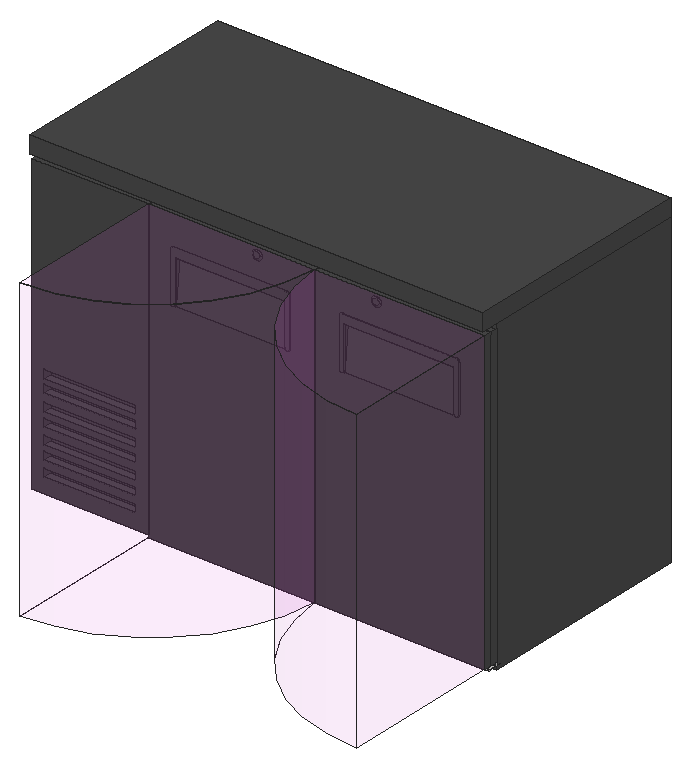
Revit family "QF_True_TBB24-48-2S-Z1-SFT-B-1_ Solid_Swing_Door_Back_Bar", category Specialty Equipment, Revit 2021
Family settings
  Round Connector Dimension = Use Diameter
  Part Type = Normal
  Work Plane-Based = No
  Always vertical = Yes
  Cut with Voids When Loaded = No
  Shared = No
  Room Calculation Point = No
Parameters
  Weight in Pounds = 290
  Watts = Volts * FL Amps  # 207 W
  Volts = 115 V
  URL Cutsheet = ""
  Specification by User = ""
  Specification by Manufacturer = ""
  Show Seismic Flanged [instance] = no
  Show Default [instance] = if(or([Show 2" Casters], [Show 3" Casters]), or(or([Show 4" Casters], [Show 5" Casters], [Show 6" Legs]), and([Show 2" Casters], [Show 3" Casters]), and([Show 3" Casters], Show Seismic Flanged)), if(or([Show 4" Casters], [Show 5" Casters]), or(or([Show 6" Legs], Show Seismic Flanged), and([Show 4" Casters], [Show 5" Casters])), if([Show 6" Legs], Show Seismic Flanged, not(Show Seismic Flanged))))  # yes
  Show 6" Legs [instance] = no
  Show 5" Casters [instance] = no
  Show 4" Casters [instance] = no
  Show 3" Casters [instance] = no
  Show 2" Casters [instance] = no
  Serial Number = ""
  Seismic Rating = ""
  SMACNA No = ""
  Revision Code = ""
  Phase = 1
  Number of Poles = 1
  NAFEM Spec ID Number = ""
  Model = "TBB24-48-2S-Z1-SFT-B-1"
  Min Ckt Ampacity = 0 A
  Max Overcurrent Protection = 0 A
  Masterspec = ""
  Manufacturer = "True"
  Length = 48 1/32"
  Item Number = ""
  Installed By = ""
  Identify Quantity as Lot = yes
  Height [instance] = Base Height + Body Height + Counter Top Height  # 34 23/32"
  HP = "1/5"
  Furnished By = ""
  Foodservice Equipment Identifier = yes
  FL Amps = 1.8 A
  Electrical Remarks = ""
  Electric Connection Type = ""
  Elec Conn RI Height = 0"
  Elec Conn Connection Height = 0"
  Door Finish [instance] = QF_Plastic - Black - Smooth
  Description = "Solid Swing Door Back Bar 24\" Depth Single Zone Cooler with Black Sub Top and Black Exterior"
  Depth = 24 7/8"
  Default Elevation = 0"
  Cycle = 60 Hz
  Counter Top Height = 2 11/32"
  Counter Finish [instance] = QF_Plastic - Black - Smooth
  Conn Plug = "NEMA 5-15P"
  Conn Conduit = yes
  CSI MasterFormat = ""
  Body Height [instance] = 31 11/16"
  Body Finish [instance] = QF_Plastic - Black - Smooth
  Base Height [instance] = if(Show Default, 11/16", if([Show 2" Casters], 2", if([Show 3" Casters], 3", if([Show 4" Casters], 4", if([Show 5" Casters], 5", if([Show 6" Legs], 6", if(Show Seismic Flanged, 6", 0")))))))  # 11/16"
  Apparent Power = 0 VA
Reference planes (in)
  plane 1 "BACK": y = 0
  plane 2: z = 0
  plane 3 "LEFT": x = 0
  plane 4 "RIGHT": x = 48.03125
  plane 5 "FRONT": y = -24.875
  plane 6 "TOP": z = 34.71875
  plane 7 "Center Y": x = 24.01563
  plane 8 "Center X": y = -12.4375
  plane 9: z = 0
  plane 10: z = 0.6875
  plane 11: z = 32.375
  plane 12: z = 34.71875
Dimensions and locks (in)
  equal spacing: plane 3 "LEFT", plane 7 "Center Y", plane 4 "RIGHT"
  "Length": plane 3 "LEFT" to plane 4 "RIGHT"
  equal spacing: plane 5 "FRONT", plane 8 "Center X", plane 1 "BACK"
  "Depth": plane 5 "FRONT" to plane 1 "BACK"
  "Height": plane 6 "TOP" to level
  "Base Height": plane 10 to plane 2
  "Body Height": plane 11 to plane 10
  "Counter Top Height": plane 12 to plane 11
  aligned and locked: level to plane 2
  aligned and locked: nested 1 to plane 10
Nested families (in)
  nested 1: "TBB24-48-2S-Z1-BST-B-1" at (0, 0, 0), Body Finish <- "Body Finish", Counter Top Finishes <- "Counter Finish", Door Finish <- "Door Finish", type "TBB24-48-2S-Z1-BST-B-1"
    with Show Door Clearance yes, Door Finish QF_Plastic - Black - Smooth, Counter Top Finishes QF_Plastic - Black - Smooth, Body Finish QF_Plastic - Black - Smooth
  nested 2: "Family3" at (4.01562, -21.04292, 0), Show 2" Casters <- "Show 2" Casters", Show 3" Casters <- "Show 3" Casters", Show 4" Casters <- "Show 4" Casters", Show 5" Casters <- "Show 5" Casters", Show 6" Legs <- "Show 6" Legs", Show Seismic Flanged <- "Show Seismic Flanged", type "Family3"
    with Show Seismic Flanged no, Show 6" Legs no, Show 5" Casters no, Show 4" Casters no, Show 3" Casters no, Show 2" Casters no
  nested 3: "Family3" at (44.26562, -21.04292, 0), Show 2" Casters <- "Show 2" Casters", Show 3" Casters <- "Show 3" Casters", Show 4" Casters <- "Show 4" Casters", Show 5" Casters <- "Show 5" Casters", Show 6" Legs <- "Show 6" Legs", Show Seismic Flanged <- "Show Seismic Flanged", type "Family3"
    with Show Seismic Flanged no, Show 6" Legs no, Show 5" Casters no, Show 4" Casters no, Show 3" Casters no, Show 2" Casters no
  nested 4: "Family3" at (4.01562, -3.79292, 0), Show 2" Casters <- "Show 2" Casters", Show 3" Casters <- "Show 3" Casters", Show 4" Casters <- "Show 4" Casters", Show 5" Casters <- "Show 5" Casters", Show 6" Legs <- "Show 6" Legs", Show Seismic Flanged <- "Show Seismic Flanged", type "Family3"
    with Show Seismic Flanged no, Show 6" Legs no, Show 5" Casters no, Show 4" Casters no, Show 3" Casters no, Show 2" Casters no
  nested 5: "Family3" at (44.26562, -3.79292, 0), Show 2" Casters <- "Show 2" Casters", Show 3" Casters <- "Show 3" Casters", Show 4" Casters <- "Show 4" Casters", Show 5" Casters <- "Show 5" Casters", Show 6" Legs <- "Show 6" Legs", Show Seismic Flanged <- "Show Seismic Flanged", type "Family3"
    with Show Seismic Flanged no, Show 6" Legs no, Show 5" Casters no, Show 4" Casters no, Show 3" Casters no, Show 2" Casters no
Connectors (in)
  electrical at (5.92159, 0.23047, 18.36709)
    settings: on nested 1, index 1, voltage 0 V, apparent load 0 VA, apparent load phase1 0 VA, apparent load phase2 0 VA, apparent load phase3 0 VA, power factor 1, load classification "Other", number of poles 1, system type 31, power factor state 1, is connector primary yes, connector utility no, sub classification motor no, connector description ""
Definition of nested family "TBB24-48-2S-Z1-BST-B-1"
  Parameters (values of type "TBB24-48-2S-Z1-BST-B-1")
    Weight in Pounds = 0
    URL Cutsheet = ""
    Specification by User = ""
    Specification by Manufacturer = ""
    Show Door Clearance [instance] = yes
    Serial Number = ""
    Seismic Rating = ""
    SMACNA No = ""
    Revision Code = ""
    NAFEM Spec ID Number = ""
    Masterspec = ""
    Length = 48 1/32"
    Item Number = ""
    Installed By = ""
    Identify Quantity as Lot = yes
    Height = 34 23/32"
    Furnished By = ""
    Foodservice Equipment Identifier = yes
    Door Finish [instance] = none
    Depth = 24 7/8"
    Default Elevation = 0"
    Counter Top Finishes [instance] = none
    CSI MasterFormat = ""
    Body Finish [instance] = none
  Reference planes (in)
    plane 1 "BACK": y = 0
    plane 2: z = 0
    plane 3 "LEFT": x = 0
    plane 4 "RIGHT": x = 48.03125
    plane 5 "FRONT": y = -24.875
    plane 6 "TOP": z = 34.71875
    plane 7 "Center Y": x = 24.01563
    plane 8 "Center X": y = -12.4375
    plane 9: y = -41.625
    plane 10: z = 0.6875
    plane 11: z = 32.9375
    plane 12: z = 2.0625
    plane 13: y = -21.41792
    plane 14: z = 0.33506
    plane 15: z = 23.55589
    plane 16: z = 32.375
  Forms (in)
    Extrusion 1, solid, material <- "Counter Top Finishes"
      sketch origin (0, 0, 0) x (1, 0, 0) y (0, 0, 1)
        loop
          line (0, 34.71875) -> (0, 32.9375) -> (48.03125, 32.9375) -> (48.03125, 34.71875) -> (0, 34.71875)
      from 0 to 24.875
    Extrusion 2, solid, material <- "Body Finish"
      sketch origin (0, 0, 0) x (0, 1, 0) y (0, 0, 1)
        loop
          line (0, 32.9375) -> (-23.09422, 32.9375) -> (-23.09422, 0) -> (0, 0) -> (0, 32.9375)
      from 0 to 48.03125
    Extrusion 3, solid, material <- "Door Finish"
      sketch origin (0, -23.09422, 35.99786) x (0, 0, 1) y (1, 0, 0)
        loop
          line (-3.62286, 12.35291) -> (-3.62286, 29.99891) -> (-35.31036, 29.99891) -> (-35.31036, 12.35291) -> (-3.62286, 12.35291)
        loop
          line (-4.22284, 13.79188) -> (-4.22284, 29.35291) -> (-33.93536, 29.35291) -> (-33.93536, 13.79188) -> (-4.22284, 13.79188)
      from 0 to -0.66955
    Extrusion 4, solid, material <- "Body Finish"
      sketch origin (0, -23.09422, 32.9375) x (0, 0, -1) y (1, 0, 0)
        loop
          line (0.5625, 0) -> (31.95758, 0) -> (31.95758, 12.35291) -> (0.5625, 12.35291) -> (0.5625, 0)
      from 0 to 1.50548
    Extrusion 5, void
      sketch origin (0, -24.5997, 32.9375) x (0, 0, 1) y (1, 0, 0)
        loop
          line (-20.06297, 1.27626) -> (-20.06297, 11.02626) -> (-21.06297, 11.02626) -> (-21.06297, 1.27626) -> (-20.06297, 1.27626)
        loop
          line (-21.51705, 1.27626) -> (-21.51705, 11.02626) -> (-22.34419, 11.02626) -> (-22.34419, 1.27626) -> (-21.51705, 1.27626)
        loop
          line (-23.18797, 1.27626) -> (-23.18797, 11.02626) -> (-24.18797, 11.02626) -> (-24.18797, 1.27626) -> (-23.18797, 1.27626)
        loop
          line (-24.76705, 1.27626) -> (-24.76705, 11.02626) -> (-25.59419, 11.02626) -> (-25.59419, 1.27626) -> (-24.76705, 1.27626)
        loop
          line (-26.31297, 1.27626) -> (-26.31297, 11.02626) -> (-27.31297, 11.02626) -> (-27.31297, 1.27626) -> (-26.31297, 1.27626)
        loop
          line (-27.89205, 1.27626) -> (-27.89205, 11.02626) -> (-28.71919, 11.02626) -> (-28.71919, 1.27626) -> (-27.89205, 1.27626)
        loop
          line (-29.51705, 1.27626) -> (-29.51705, 11.02626) -> (-30.34419, 11.02626) -> (-30.34419, 1.27626) -> (-29.51705, 1.27626)
      from 0 to 0.83594
    Extrusion 6, solid
      sketch origin (0, 0, 32.6875) x (0, 0, 1) y (1, 0, 0)
        loop
          arc (-12.59037, 11.27264) -> (-12.81004, 11.80298) -> (-13.34037, 12.02264) r 0.75
          line (-13.34037, 12.02264) -> (-31.375, 12.02264)
          arc (-31.375, 12.02264) -> (-31.90533, 11.80298) -> (-32.125, 11.27264) r 0.75
          line (-32.125, 11.27264) -> (-32.125, 0.75)
          arc (-32.125, 0.75) -> (-31.90533, 0.21967) -> (-31.375, 0) r 0.75
          line (-31.375, 0) -> (-13.34037, 0)
          arc (-13.34037, 0) -> (-12.81004, 0.21967) -> (-12.59037, 0.75) r 0.75
          line (-12.59037, 0.75) -> (-12.59037, 5.19897) -> (-12.14941, 5.19897)
          arc (-12.14941, 5.19897) -> (-11.39941, 5.94897) -> (-12.14941, 6.69897) r 0.75
          line (-12.14941, 6.69897) -> (-12.59037, 6.69897) -> (-12.59037, 11.27264)
      from 0 to 0.03125
    Extrusion 7, solid
      sketch origin (0, 0.03125, 32.6875) x (0, 0, 1) y (1, 0, 0)
        loop
          line (-11.64941, 5.94897) -> (-11.89941, 6.38198) -> (-12.39941, 6.38198) -> (-12.64941, 5.94897) -> (-12.39941, 5.51596) -> (-11.89941, 5.51596) -> (-11.64941, 5.94897)
      from 0 to 0.19922
    Extrusion 8, solid
      sketch origin (0, 0.03125, 32.6875) x (0, 0, 1) y (1, 0, 0)
        loop
          circle (-14.32041, 5.92159) r 0.5
      from 0 to 0.19922
    Blend 9, solid, material <- "Body Finish"
      base sketch origin (48.03125, -24.5997, 0.6875) x (-1, 0, 0) y (0, 0, 1)
        loop
          circle (24.15288, 30.93229) r 0.5
      top sketch origin (48.03125, -24.5997, 0.6875) x (-1, 0, 0) y (0, 0, 1)
        loop
          circle (24.15288, 30.93229) r 0.37406
      from 0 to -0.05551
    Blend 10, solid, material <- "Body Finish"
      base sketch origin (48.03125, -24.5997, 0.6875) x (-1, 0, 0) y (0, 0, 1)
        loop
          circle (11.50688, 30.93229) r 0.5
      top sketch origin (48.03125, -24.5997, 0.6875) x (-1, 0, 0) y (0, 0, 1)
        loop
          circle (11.50688, 30.93229) r 0.37406
      from 0 to -0.05551
    Extrusion 11, solid, material <- "Door Finish"
      sketch origin (59.99782, -23.09422, 35.99786) x (0, 0, 1) y (1, 0, 0)
        loop
          line (-3.62286, -11.96657) -> (-35.31036, -11.96657) -> (-35.31036, -29.99891) -> (-3.62286, -29.99891) -> (-3.62286, -11.96657)
        loop
          line (-4.22284, -13.79188) -> (-33.93536, -13.79188) -> (-33.93536, -29.35291) -> (-4.22284, -29.35291) -> (-4.22284, -13.79188)
      from 0 to -0.66955
    Extrusion 12, solid, material <- "Door Finish"
      sketch origin (59.99782, -23.09422, 35.99786) x (0, 0, 1) y (1, 0, 0)
        loop
          line (-3.62286, -11.96657) -> (-35.31036, -11.96657) -> (-35.31036, -29.99891) -> (-3.62286, -29.99891) -> (-3.62286, -11.96657)
      from -1.50548 to -0.66955
    Extrusion 13, solid, material <- "Door Finish"
      sketch origin (0, -23.09422, 35.99786) x (0, 0, 1) y (1, 0, 0)
        loop
          line (-3.62286, 12.35291) -> (-3.62286, 29.99891) -> (-35.31036, 29.99891) -> (-35.31036, 12.35291) -> (-3.62286, 12.35291)
      from -1.50548 to -0.66955
    Revolve 14, solid
      sketch origin (12.93501, -180, 0.6875) x (0, 0, -1) y (0, -1, 0)
        loop
          line (-31.6875, -156.24977) -> (-32.25, -156.24977) -> (-32.25, -156.74977) -> (-32.1201, -156.74977) -> (-32.1201, -156.49977) -> (-31.6875, -156.49977) -> (-31.6875, -156.24977)
        axis (-32.25, -156.24977) -> (-31.6875, -156.24977)
      angle from 0 to 360
    Extrusion 15, solid
      sketch origin (-1.61038, -180, 0.33506) x (-1, 0, 0) y (0, -1, 0)
        loop
          line (-49.64163, -157.37453) -> (-48.00793, -157.37453)
          arc (-48.00793, -157.37453) -> (-47.8908, -157.29627) -> (-47.91828, -157.1581) r 0.12678
          line (-47.91828, -157.1581) -> (-49.05173, -156.02465)
          arc (-49.05173, -156.02465) -> (-49.1223, -155.9775) -> (-49.20555, -155.96094) r 0.21754
          line (-49.20555, -155.96094) -> (-49.49505, -155.96094)
          arc (-49.49505, -155.96094) -> (-49.59869, -156.00387) -> (-49.64163, -156.10751) r 0.14658
          line (-49.64163, -156.10751) -> (-49.64163, -157.37453)
        loop
          line (-13.96329, -157.37453) -> (-13.96329, -156.10751)
          arc (-13.96329, -156.10751) -> (-14.00622, -156.00387) -> (-14.10986, -155.96094) r 0.14658
          line (-14.10986, -155.96094) -> (-14.39936, -155.96094)
          arc (-14.39936, -155.96094) -> (-14.48261, -155.9775) -> (-14.55318, -156.02465) r 0.21754
          line (-14.55318, -156.02465) -> (-15.68663, -157.1581)
          arc (-15.68663, -157.1581) -> (-15.71411, -157.29627) -> (-15.59698, -157.37453) r 0.12678
          line (-15.59698, -157.37453) -> (-13.96329, -157.37453)
      from 0 to 0.0625
    Extrusion 16, solid
      sketch origin (0, -23.09422, 32.9375) x (0, 0, -1) y (1, 0, 0)
        loop
          line (32.60244, 12.35291) -> (32.60244, 14.11339) -> (32.25, 14.11339) -> (32.25, 12.35291) -> (32.60244, 12.35291)
        loop
          line (32.60244, 48.03125) -> (32.25, 48.03125) -> (32.25, 46.27077) -> (32.60244, 46.27077) -> (32.60244, 48.03125)
      from 0 to 0.0625
    Revolve 17, solid
      sketch origin (47.59743, -180.11581, 0.39756) x (0, 0, 1) y (0, -1, 0)
        loop
          line (0.28994, -156.29571) -> (0, -156.29571) -> (0, -156.48985) -> (0.28994, -156.48985) -> (0.28994, -156.29571)
        axis (0.28994, -156.29571) -> (0, -156.29571)
      angle from 0 to 360
    Revolve 18, solid
      sketch origin (12.93501, -179.71907, 0.39756) x (0, 0, 1) y (0, 1, 0)
        loop
          line (0.28994, 156.29571) -> (0.28994, 156.48985) -> (0, 156.48985) -> (0, 156.29571) -> (0.28994, 156.29571)
        axis (0.28994, 156.29571) -> (0, 156.29571)
      angle from 0 to 360
    Revolve 19, solid
      sketch origin (47.18501, -180, 0.6875) x (0, 0, -1) y (0, -1, 0)
        loop
          line (-31.6875, -156.24977) -> (-32.25, -156.24977) -> (-32.25, -156.74977) -> (-32.1201, -156.74977) -> (-32.1201, -156.49977) -> (-31.6875, -156.49977) -> (-31.6875, -156.24977)
        axis (-32.25, -156.24977) -> (-31.6875, -156.24977)
      angle from 0 to 360
    Extrusion 20, solid, material <- "Door Finish"
      sketch origin (0, -24.5997, 35.99786) x (0, 0, -1) y (1, 0, 0)
        loop
          line (7.09769, 14.68366) -> (12.06253, 14.68366)
          arc (12.06253, 14.68366) -> (12.34198, 14.96311) -> (12.06253, 15.24256) r 0.27945
          line (12.06253, 15.24256) -> (8.02999, 15.24256)
          arc (8.02999, 15.24256) -> (7.76206, 15.35354) -> (7.65108, 15.62147) r 0.37891
          line (7.65108, 15.62147) -> (7.65108, 26.49585)
          arc (7.65108, 26.49585) -> (7.76206, 26.76377) -> (8.02999, 26.87475) r 0.37891
          line (8.02999, 26.87475) -> (12.09378, 26.87475)
          arc (12.09378, 26.87475) -> (12.34198, 27.12295) -> (12.09378, 27.37116) r 0.2482
          line (12.09378, 27.37116) -> (7.09696, 27.37116)
          arc (7.09696, 27.37116) -> (6.82955, 27.26039) -> (6.71878, 26.99298) r 0.37818
          line (6.71878, 26.99298) -> (6.71878, 15.06256)
          arc (6.71878, 15.06256) -> (6.82976, 14.79463) -> (7.09769, 14.68366) r 0.37891
        loop
          arc (7.09769, 45.31416) -> (6.82976, 45.20318) -> (6.71878, 44.93526) r 0.37891
          line (6.71878, 44.93526) -> (6.71878, 33.00484)
          arc (6.71878, 33.00484) -> (6.82955, 32.73743) -> (7.09696, 32.62666) r 0.37818
          line (7.09696, 32.62666) -> (12.09378, 32.62666)
          arc (12.09378, 32.62666) -> (12.34198, 32.87487) -> (12.09378, 33.12307) r 0.2482
          line (12.09378, 33.12307) -> (8.02999, 33.12307)
          arc (8.02999, 33.12307) -> (7.76206, 33.23405) -> (7.65108, 33.50197) r 0.37891
          line (7.65108, 33.50197) -> (7.65108, 44.37635)
          arc (7.65108, 44.37635) -> (7.76206, 44.64428) -> (8.02999, 44.75526) r 0.37891
          line (8.02999, 44.75526) -> (12.06253, 44.75526)
          arc (12.06253, 44.75526) -> (12.34198, 45.03471) -> (12.06253, 45.31416) r 0.27945
          line (12.06253, 45.31416) -> (7.09769, 45.31416)
      from 0 to 0.03125
    Extrusion 21, void
      sketch origin (15.24256, -24.5997, 27.96787) x (0, 0, 1) y (0, 1, 0)
        loop
          line (0.37891, -0.24253) -> (0.37891, 0.5) -> (-4.312, 0) -> (-4.312, -0.24253) -> (0.37891, -0.24253)
      from 0 to -11.63219
    Extrusion 22, void
      sketch origin (33.12307, -24.5997, 27.96787) x (0, 0, 1) y (0, 1, 0)
        loop
          line (0.37891, -0.24253) -> (0.37891, 0.5) -> (-4.312, 0) -> (-4.312, -0.24253) -> (0.37891, -0.24253)
      from 0 to -11.63219
    Extrusion 23, solid, visible <- "Show Door Clearance"
      sketch origin (30.39491, -23.09422, 0.6875) x (0, -1, 0) y (-1, 0, 0)
        loop
          line (1.50548, -17.63634) -> (18.53489, -17.63634)
          arc (18.53489, -17.63634) -> (13.6127, -5.22747) -> (1.50548, 0.396) r 18.03244
          line (1.50548, 0.396) -> (1.50548, -17.63634)
      from 0 to -31.6875
    Extrusion 24, solid, visible <- "Show Door Clearance"
      sketch origin (30.39491, -23.09422, 0.6875) x (0, -1, 0) y (-1, 0, 0)
        loop
          line (1.50548, 18.042) -> (1.50548, 0.396)
          arc (1.50548, 0.396) -> (13.48708, 5.87578) -> (18.54373, 18.042) r 18.03276
          line (18.54373, 18.042) -> (1.50548, 18.042)
      from 0 to -31.6875
  Cuts and joins
    Extrusion 5 cuts Extrusion 2
    Extrusion 5, Extrusion 21 cuts Extrusion 4
    joined: Extrusion 15, Extrusion 16
    Extrusion 21, Extrusion 22 cuts Extrusion 13
    Extrusion 21, Extrusion 22 cuts Extrusion 20
    Extrusion 21, Extrusion 22 cuts Extrusion 12
    Extrusion 21 cuts Extrusion 11
  Lines and regions (in)
    Split face 1
      outline origin (0, 0.03125, 32.6875) x (0, 0, 1) y (1, 0, 0)
        loop
          line (-15.04167, 10.7061) -> (-29.59231, 10.7061) -> (-29.59231, 0.9561) -> (-15.04167, 0.9561) -> (-15.04167, 10.7061)
    Split face 2
      outline origin (48.03125, 0, 0) x (-1, 0, 0) y (0, 0, 1)
        loop
          line (36.03125, 32.9375) -> (36.03125, 0)
        loop
          line (33.65625, 0) -> (33.65625, 32.9375)
        loop
          line (2.75, 32.9375) -> (2.75, 0)
    Split face 3
      outline origin (0, -24.5997, 32.375) x (-1, 0, 0) y (0, 0, -1)
        loop
          line (-2.26866, 1.36126) -> (-2.26866, 2.86126) -> (-9.76866, 2.86126) -> (-9.76866, 1.36126) -> (-2.26866, 1.36126)
    symbolic lines
      curve 1: line (48.03125, 0, 0) -> (0, 0, 0)
      curve 2: line (0, 0, 0) -> (0, -24.875, 0)
      curve 3: line (0, -24.875, 0) -> (48.03125, -24.875, 0)
      curve 4: line (48.03125, -24.875, 0) -> (48.03125, 0, 0)
    symbolic lines, visible <- "Show Door Clearance"
      curve 5: arc (29.98165, -24.875, 0) -> (29.09724, -29.32182, 0) -> (27.13161, -33.40749, 0) r 18.03276
      curve 6: arc (32.97757, -33.56625, 0) -> (30.93451, -29.41226, 0) -> (30.01636, -24.875, 0) r 18.03244
      curve 7: line (12.35291, -24.875, 0) -> (27.13161, -33.40749, 0)
      curve 8: line (48.03125, -24.875, 0) -> (32.97757, -33.56625, 0)
  Dimensions and locks (in)
    equal spacing: plane 3 "LEFT", plane 7 "Center Y", plane 4 "RIGHT"
    "Length": plane 3 "LEFT" to plane 4 "RIGHT"
    equal spacing: plane 5 "FRONT", plane 8 "Center X", plane 1 "BACK"
    "Depth": plane 5 "FRONT" to plane 1 "BACK"
    "Height": plane 6 "TOP" to level
    plane 1 "BACK" to plane 9 = 41 5/8"
    plane 10 to level = 11/16"
    plane 5 "FRONT" to plane 1 "BACK" = 24 7/8"
    plane 9 to plane 1 "BACK" = 41 5/8"
    plane 6 "TOP" to plane 11 = 1 25/32"
    plane 5 "FRONT" to plane 9 = 16 3/4"
    plane 6 "TOP" to plane 16 to plane 10 = 2 11/32", 31 11/16"
    plane 6 "TOP" to level = 34 23/32"
    aligned and locked: level to plane 2
  Automatic sketch dimensions
    Extrusion 1 sketch curve to plane 3 "LEFT" = 0"
    plane 4 "RIGHT" to Extrusion 1 sketch curve = 0"
    Extrusion 1 sketch curve to plane 11 = 0"
    Extrusion 1 sketch curve to plane 6 "TOP" = 0"
    plane 11 to Extrusion 2 sketch curve = 0"
    Extrusion 2 sketch curve to level = 0"
    Extrusion 2 sketch curve to plane 1 "BACK" = 0"
    Extrusion 2 sketch curve to plane 13 = 1.6763"
    Extrusion 3 sketch curve to plane 10 = 0"
    Extrusion 3 sketch curve to plane 12 = 0"
    plane 11 to Extrusion 3 sketch curve = 1.16249"
    plane 11 to Extrusion 3 sketch curve = 9/16"
    Extrusion 3 sketch curve to plane 7 "Center Y" = 11.66271"
    Extrusion 3 sketch curve to Extrusion 3 sketch curve = 1.43897"
    plane 7 "Center Y" to Extrusion 3 sketch curve = 5.33729"
    Extrusion 3 sketch curve to Extrusion 3 sketch curve = 0.646"
    Extrusion 4 sketch curve to Extrusion 2 = 0"
    Extrusion 4 sketch curve to Extrusion 2 = 9/16"
    Extrusion 4 sketch curve to Extrusion 2 = 0.97992"
    Extrusion 2 to Extrusion 4 sketch curve = 12.35291"
    Extrusion 4 to Extrusion 5 sketch curve = 1.61339"
    Extrusion 5 sketch curve to Extrusion 5 sketch curve = 0.82714"  (x4)
    Extrusion 5 sketch curve to Extrusion 5 sketch curve = 0.79786"
    Extrusion 5 sketch curve to Extrusion 5 sketch curve = 0.57908"  (x2)
    Extrusion 5 sketch curve to Extrusion 5 sketch curve = 1"  (x3)
    Extrusion 5 sketch curve to Extrusion 5 sketch curve = 0.71878"
    Extrusion 5 sketch curve to Extrusion 5 sketch curve = 0.84378"
    Extrusion 5 sketch curve to Extrusion 5 sketch curve = 0.45408"
    Extrusion 4 to Extrusion 5 sketch curve = 1.27626"  (x2)
    Extrusion 5 sketch curve to Extrusion 5 sketch curve = 0"  (x11)
    Extrusion 4 to Extrusion 5 sketch curve = 1.32665"
    Extrusion 6 sketch curve to Extrusion 2 = 0"
    Extrusion 2 to Extrusion 6 sketch curve = 9/16"
    Extrusion 6 sketch curve to Extrusion 6 sketch curve = 3/4"  (x3)
    Extrusion 6 sketch curve to Extrusion 2 = 13.59037"
    Extrusion 2 to Extrusion 6 sketch curve = 3/4"
    Extrusion 6 sketch curve to Extrusion 6 sketch curve = 0"  (x2)
    Extrusion 6 sketch curve to Extrusion 6 sketch curve = 0.44096"
    Extrusion 6 sketch curve to Extrusion 6 sketch curve = 4.44897"
    Extrusion 6 sketch curve to Extrusion 6 sketch curve = 10.52264"
    Split face 1 sketch curve to Extrusion 6 = 2.53269"
    Split face 1 sketch curve to Extrusion 6 = 2.4513"
    Split face 1 sketch curve to Extrusion 6 = 0.9561"
    Split face 1 sketch curve to Extrusion 6 = 1.31655"
    Extrusion 7 sketch curve to Extrusion 6 = 0.05904"
    Extrusion 6 to Extrusion 7 sketch curve = 0.19096"  (x2)
    Extrusion 7 sketch curve to Extrusion 6 = 0.31699"  (x2)
    Extrusion 7 sketch curve to Extrusion 7 sketch curve = 1/2"  (x2)
    Extrusion 7 sketch curve to Extrusion 7 sketch curve = 1/4"
    Extrusion 7 sketch curve to Extrusion 7 sketch curve = 0.43301"  (x2)
    Extrusion 8 sketch curve to Extrusion 6 = 0.72262"
    Extrusion 8 sketch curve to Extrusion 6 = 1.73005"
    Split face 2 sketch curve to cut or joined group of Extrusion 2, Extrusion 5 = 0"  (x6)
    Split face 2 sketch curve to cut or joined group of Extrusion 2, Extrusion 5 = 2 3/4"
    Split face 2 sketch curve to cut or joined group of Extrusion 2, Extrusion 5 = 14 3/8"
    Split face 2 sketch curve to Split face 2 sketch curve = 2 3/8"
    Blend 9 sketch curve to plane 7 "Center Y" = 0.13726"  (x2)
    plane 11 to Blend 9 sketch curve = 1.31771"  (x2)
    plane 11 to Blend 10 sketch curve = 1.31771"  (x2)
    plane 4 "RIGHT" to Blend 10 sketch curve = 11.50688"  (x2)
    Split face 3 sketch curve to cut or joined group of Extrusion 4, Extrusion 5, Extrusion 21 = 1.2576"
    Split face 3 sketch curve to cut or joined group of Extrusion 4, Extrusion 5, Extrusion 21 = 0.9924"
    Split face 3 sketch curve to cut or joined group of Extrusion 4, Extrusion 5, Extrusion 21 = 1.36126"
    Split face 3 sketch curve to Split face 3 sketch curve = 1 1/2"
    plane 4 "RIGHT" to Extrusion 11 sketch curve = 0"
    Extrusion 11 sketch curve to plane 10 = 0"
    Extrusion 11 sketch curve to plane 12 = 0"
    plane 11 to Extrusion 11 sketch curve = 1.16249"
    plane 11 to Extrusion 11 sketch curve = 9/16"
    plane 4 "RIGHT" to Extrusion 11 sketch curve = 1.82531"
    plane 7 "Center Y" to Extrusion 11 sketch curve = 6.62928"
    Extrusion 11 sketch curve to Extrusion 11 sketch curve = 0.646"
    plane 4 "RIGHT" to Extrusion 12 sketch curve = 0"
    Extrusion 12 sketch curve to plane 10 = 0"
    plane 11 to Extrusion 12 sketch curve = 9/16"
    plane 7 "Center Y" to Extrusion 12 sketch curve = 5.98328"
    Extrusion 13 sketch curve to plane 10 = 0"
    plane 11 to Extrusion 13 sketch curve = 9/16"
    Extrusion 13 sketch curve to plane 7 "Center Y" = 11.66271"
    plane 7 "Center Y" to Extrusion 13 sketch curve = 5.98328"
    plane 11 to Revolve 14 sketch curve = 0"  (x2)
    plane 11 to Revolve 14 sketch curve = 0.1299"  (x2)
    Revolve 14 sketch curve to Revolve 14 sketch curve = 0.4326"
    Revolve 14 sketch curve to plane 5 "FRONT" = 1.62477"
    Revolve 14 sketch curve to Revolve 14 sketch curve = 1/4"  (x2)
    Revolve 14 sketch curve to Revolve 14 sketch curve = 0"
    Extrusion 15 sketch curve to plane 4 "RIGHT" = 0"
    plane 4 "RIGHT" to Extrusion 15 sketch curve = 0.14658"
    Extrusion 15 sketch curve to Extrusion 15 sketch curve = 0.2895"  (x2)
    Extrusion 15 sketch curve to Extrusion 15 sketch curve = 0.15382"  (x3)
    Extrusion 15 sketch curve to Extrusion 15 sketch curve = 1.19762"
    Extrusion 15 sketch curve to Extrusion 15 sketch curve = 0.08965"  (x3)
    Extrusion 15 sketch curve to plane 13 = 1.42398"
    Extrusion 15 sketch curve to plane 7 "Center Y" = 9.93937"
    Extrusion 15 sketch curve to plane 5 "FRONT" = 0.89965"
    Extrusion 15 sketch curve to Extrusion 15 sketch curve = 1.13345"
    Extrusion 15 sketch curve to Extrusion 15 sketch curve = 0.43608"
    Extrusion 15 sketch curve to plane 13 = 1.33433"
    Extrusion 15 sketch curve to plane 13 = 1.20755"
    Extrusion 15 sketch curve to plane 5 "FRONT" = 1.05347"
    Extrusion 15 sketch curve to Extrusion 15 sketch curve = 0.07096"
    Extrusion 2 to Extrusion 16 sketch curve = 0"
    Extrusion 16 sketch curve to Extrusion 2 = 11/16"  (x2)
    Extrusion 16 sketch curve to Extrusion 2 = 0.33506"  (x2)
    Extrusion 2 to Extrusion 16 sketch curve = 1.76048"
    Extrusion 2 to Extrusion 16 sketch curve = 14.11339"
    Extrusion 16 sketch curve to Extrusion 16 sketch curve = 1.76048"
    Revolve 17 sketch curve to plane 10 = 0"  (x2)
    plane 14 to Revolve 17 sketch curve = 1/16"
    Revolve 17 sketch curve to plane 5 "FRONT" = 1.24905"
    Revolve 17 sketch curve to Revolve 17 sketch curve = 0.19414"
    Revolve 17 sketch curve to plane 10 = 0.14497"
    Revolve 17 sketch curve to Revolve 17 sketch curve = 0"
    Revolve 18 sketch curve to plane 10 = 0"  (x2)
    plane 14 to Revolve 18 sketch curve = 1/16"
    Revolve 18 sketch curve to plane 5 "FRONT" = 1.45164"
    Revolve 18 sketch curve to Revolve 18 sketch curve = 0.19414"
    Revolve 18 sketch curve to Revolve 18 sketch curve = 0.14497"
    Revolve 18 sketch curve to Revolve 18 sketch curve = 0"
    plane 11 to Revolve 19 sketch curve = 0"  (x2)
    plane 11 to Revolve 19 sketch curve = 0.1299"  (x2)
    Revolve 19 sketch curve to Revolve 19 sketch curve = 0.4326"
    Revolve 19 sketch curve to plane 5 "FRONT" = 1.62477"
    Revolve 19 sketch curve to Revolve 19 sketch curve = 1/4"  (x2)
    Revolve 19 sketch curve to Revolve 19 sketch curve = 0"
    Extrusion 20 sketch curve to Extrusion 13 = 3.09593"  (x2)
    Extrusion 20 sketch curve to Extrusion 20 sketch curve = 0.37818"  (x2)
    Extrusion 20 sketch curve to Extrusion 20 sketch curve = 97/256"  (x6)
    Extrusion 20 sketch curve to Extrusion 20 sketch curve = 0.55339"  (x2)
    Extrusion 20 sketch curve to Extrusion 20 sketch curve = 4.03255"  (x2)
    Extrusion 20 sketch curve to Extrusion 20 sketch curve = 4.0638"  (x2)
    Extrusion 20 sketch curve to Extrusion 13 = 2.33075"
    Extrusion 20 sketch curve to Extrusion 20 sketch curve = 0.27945"
    Extrusion 20 sketch curve to Extrusion 13 = 3.50306"
    Extrusion 20 sketch curve to Extrusion 20 sketch curve = 0.49713"
    Extrusion 13 to Extrusion 20 sketch curve = 2.62775"
    Extrusion 20 sketch curve to Extrusion 20 sketch curve = 0.2482"
    Extrusion 20 sketch curve to Extrusion 20 sketch curve = 10.87438"
    Extrusion 20 sketch curve to Extrusion 20 sketch curve = 0.5589"
    Extrusion 21 sketch curve to Extrusion 20 = 0"
    Extrusion 20 to Extrusion 21 sketch curve = 0.27945"
    Extrusion 21 sketch curve to Extrusion 20 = 97/256"
    Extrusion 20 to Extrusion 21 sketch curve = 0.21128"
    Extrusion 20 to Extrusion 21 sketch curve = 1/2"
    Extrusion 22 sketch curve to Extrusion 20 = 0"
    Extrusion 20 to Extrusion 22 sketch curve = 97/256"
    Extrusion 22 sketch curve to Extrusion 20 = 0.2482"
    Extrusion 22 sketch curve to Extrusion 20 = 0.21128"
    Extrusion 22 sketch curve to Extrusion 20 = 1/2"
    Extrusion 23 sketch curve to plane 4 "RIGHT" = 0"
    plane 4 "RIGHT" to Extrusion 23 sketch curve = 0.02781"
    Extrusion 23 sketch curve to plane 13 = 2.17876"
    Extrusion 23 sketch curve to plane 5 "FRONT" = 0.2753"
    Extrusion 23 sketch curve to plane 9 = 0.0041"
    Extrusion 24 sketch curve to plane 13 = 2.19086"
    Extrusion 24 sketch curve to plane 5 "FRONT" = 0.2753"
    Extrusion 24 sketch curve to plane 9 = 0.01295"
    plane 3 "LEFT" to Extrusion 24 sketch curve = 11.9934"
    Extrusion 24 sketch curve to plane 7 "Center Y" = 11.66271"
    plane 1 "BACK" to curve 1 = 0"
    curve 1 to plane 3 "LEFT" = 0"
    plane 5 "FRONT" to curve 7 = 0"
    curve 4 to plane 4 "RIGHT" = 0"
    curve 5 to plane 5 "FRONT" = 1.26622"
    plane 7 "Center Y" to curve 7 = 3.11599"
    plane 4 "RIGHT" to curve 6 = 0.02781"
    plane 9 to curve 7 = 8.21751"
    curve 6 to plane 5 "FRONT" = 1.27832"
    curve 5 to curve 7 = 0.35951"
    curve 5 to curve 6 = 0.03471"
    curve 7 to curve 8 = 5.84595"
    curve 8 to curve 7 = 0.15876"
    radius of Extrusion 8 sketch curve = 1/2"
    radius of Blend 9 sketch curve = 1/2"
    radius of Blend 9 sketch curve = 0.37406"
    radius of Blend 10 sketch curve = 1/2"
    radius of Blend 10 sketch curve = 0.37406"
Definition of nested family "Family3"
  Parameters (values of type "Family3")
    Weight in Pounds = 0
    URL Cutsheet = ""
    Specification by User = ""
    Specification by Manufacturer = ""
    Show Seismic Flanged [instance] = yes
    Show 6" Legs [instance] = yes
    Show 5" Casters [instance] = yes
    Show 4" Casters [instance] = yes
    Show 3" Casters [instance] = yes
    Show 2" Casters [instance] = yes
    Serial Number = ""
    Seismic Rating = ""
    SMACNA No = ""
    Revision Code = ""
    NAFEM Spec ID Number = ""
    Masterspec = ""
    Length = 0"
    Item Number = ""
    Installed By = ""
    Identify Quantity as Lot = yes
    Height = 0"
    Furnished By = ""
    Foodservice Equipment Identifier = yes
    Depth = 0"
    Default Elevation = 0"
    CSI MasterFormat = ""
  Reference planes (in)
    plane 1 "BACK": y = 0
    plane 2: z = 0
    plane 3 "LEFT": x = 0
    plane 4 "RIGHT": x = 0
    plane 5 "FRONT": y = 0
    plane 6 "TOP": z = 0
    plane 7 "Center Y": x = 0
    plane 8 "Center X": y = 0
  Dimensions and locks (in)
    equal spacing: plane 3 "LEFT", plane 7 "Center Y", plane 4 "RIGHT"
    "Length": plane 3 "LEFT" to plane 4 "RIGHT"
    equal spacing: plane 5 "FRONT", plane 8 "Center X", plane 1 "BACK"
    "Depth": plane 5 "FRONT" to plane 1 "BACK"
    "Height": plane 6 "TOP" to level
    aligned and locked: level to plane 2
  Nested families (in)
    nested 1: "2 INCHES_CASTER" at (0, 0, 0), 2 Inches Caster <- "Show 2" Casters", type "2 INCHES_CASTER"
      with Type Mark "", Specification by User "", Revision Code "", Item Number "", Installed By "", Identify Quantity as Lot yes, Furnished By "", Foodservice Equipment Identifier yes, 2 Inches Caster yes
    nested 2: "3 INCHES 01_CASTER" at (0, 0, 0), 3 Inches Caster <- "Show 3" Casters", type "3 INCHES 01_CASTER"
      with Type Mark "", Specification by User "", Revision Code "", Item Number "", Installed By "", Identify Quantity as Lot yes, Furnished By "", Foodservice Equipment Identifier yes, 3 Inches Caster yes
    nested 3: "4 INCHES_CASTER" at (0, 0, 0), Show 4 Inches Casters <- "Show 4" Casters", type "4 INCHES_CASTER"
      with Type Mark "", Specification by User "", Show 4 Inches Casters yes, Revision Code "", Item Number "", Installed By "", Identify Quantity as Lot yes, Furnished By "", Foodservice Equipment Identifier yes
    nested 4: "5 INCHES 01_CASTER 2" at (0, 0, 0), Show 5" Casters <- "Show 5" Casters", type "5 INCHES 01_CASTER 2"
      with Type Mark "", Specification by User "", Show 5" Casters yes, Revision Code "", Key Locks no, Item Number "", Installed By "", Identify Quantity as Lot yes, Furnished By "", Foodservice Equipment Identifier yes
    nested 5: "6 INCHES LEGS" at (0, 0, 0), Show 6" Legs <- "Show 6" Legs", type "6 INCHES LEGS"
      with Type Mark "", Status "", Specification by User "", Show Seismic Flanged no, Show 6" Legs yes, Revision Code "", Item Number "", Installed By "", Identify Quantity as Lot yes, Furnished By "", Foodservice Equipment Identifier yes
    nested 6: "6 INCHES LEGS WITH FLANGED" at (0, 0, 0), visible <- "Show Seismic Flanged", Show 6" Seismic Flanged <- "Show Seismic Flanged", type "6 INCHES LEGS WITH FLANGED"
      with Type Mark "", Status "", Specification by User "", Revision Code "", Item Number "", Installed By "", Identify Quantity as Lot yes, Furnished By "", Foodservice Equipment Identifier yes
  Definition of nested family "2 INCHES_CASTER"
    Parameters (values of type "2 INCHES_CASTER")
      Weight = ""
      URL Manufacturer = ""
      URL Cutsheet = ""
      URL = ""
      Type Mark [instance] = ""
      Specification by User [instance] = ""
      Specification by Manufacturer = ""
      Serial Number = ""
      Seismic Rating = ""
      SMACNA No = ""
      Revision Code [instance] = ""
      Omniclass Number and Title = ""
      NAFEM Spec ID Number = ""
      Model = ""
      MasterSpec. = ""
      Manufacturer = ""
      Item Number [instance] = ""
      Installed By [instance] = ""
      Identify Quantity as Lot [instance] = yes
      Furnished By [instance] = ""
      Foodservice Equipment Identifier [instance] = yes
      Description = ""
      Default Elevation = 0"
      CSI MasterFormat = ""
      CSI Master Format = ""
      Assembly Code = ""
      2 Inches Caster [instance] = yes
    Reference planes (in)
      plane 1: z = 0
      plane 2 "RIGHT": x = 0
      plane 3 "FRONT": y = 0
      plane 4 "TOP": z = 2
    Forms (in)
      Revolve 1, solid, visible <- "2 Inches Caster"
        sketch origin (-1.93794, 0.46818, -1.0041) x (1, 0, 0) y (0, 0, 1)
          loop
            line (0.74055, 1.86347) -> (0.74055, 1.78797) -> (0.79055, 1.73797) -> (0.85055, 1.73797) -> (0.85055, 1.6179) -> (1.235, 1.6179) -> (1.235, 1.55055) -> (1.38673, 1.46295) -> (1.4003, 1.3791) -> (1.34375, 1.3791) -> (1.34375, 1.2541) -> (1.375, 1.2541) -> (1.375, 1.0041) -> (2.48438, 1.0041) -> (2.48438, 1.2541) -> (2.51563, 1.2541) -> (2.51563, 1.3791) -> (2.45908, 1.3791) -> (2.47322, 1.46647) -> (2.62438, 1.55374) -> (2.62438, 1.6179) -> (3.04007, 1.6179) -> (3.04007, 1.73797) -> (3.10007, 1.73797) -> (3.15007, 1.78797) -> (3.15007, 1.86347) -> (0.74055, 1.86347)
          axis (0.74055, 1.86347) -> (3.15007, 1.86347)
        angle from 0 to 360
      Extrusion 2, solid, visible <- "2 Inches Caster"
        sketch origin (-1.93794, 1.43296, -3.41527) x (0, 1, 0) y (0, 0, 1)
          loop
            line (-0.64294, 5.3791) -> (-2.21294, 5.3791) -> (-2.21294, 5.24769) -> (-1.37414, 5.24769)
            arc (-1.37414, 5.24769) -> (-0.62115, 5.15851) -> (0.05138, 4.80832) r 2.10495
            line (0.05138, 4.80832) -> (0.12713, 4.91318)
            arc (0.12713, 4.91318) -> (-0.07255, 5.06376) -> (-0.29048, 5.18644) r 1.8753
            line (-0.29048, 5.18644) -> (-0.22239, 5.30423)
            arc (-0.22239, 5.30423) -> (-0.42936, 5.36024) -> (-0.64294, 5.3791) r 1.21859
        from 1.17357 to 2.70231
      Revolve 3, solid, visible <- "2 Inches Caster"
        sketch origin (0, 1.73858, -3.75) x (0, 1, 0) y (0, 0, 1)
          loop
            line (-1.73858, 5.71382) -> (-1.05793, 5.71382) -> (-1.05793, 5.75) -> (-1.73858, 5.75) -> (-1.73858, 5.71382)
          axis (-1.73858, 5.71382) -> (-1.73858, 5.75319)
        angle from 0 to 360
      Extrusion 4, solid, visible <- "2 Inches Caster"
        sketch origin (-1.98481, 1.43296, -1.7541) x (0, 1, 0) y (0, 0, 1)
          loop
            line (-2.21294, 3.71792) -> (-2.21294, 3.58652) -> (-1.94904, 3.58652)
            arc (-1.94904, 3.58652) -> (-1.56115, 3.28048) -> (-1.39241, 2.81612) r 0.90292
            arc (-1.39241, 2.81612) -> (-1.36136, 2.62044) -> (-1.29729, 2.43295) r 1.15385
            arc (-1.29729, 2.43295) -> (-0.94802, 2.21237) -> (-0.6121, 2.45278) r 0.37001
            arc (-0.6121, 2.45278) -> (-0.59625, 2.50123) -> (-0.58446, 2.55082) r 0.61695
            arc (-0.58446, 2.55082) -> (-0.36134, 2.95548) -> (0.05609, 3.15367) r 0.75313
            line (0.05609, 3.15367) -> (0.12713, 3.252)
            arc (0.12713, 3.252) -> (-0.07255, 3.40259) -> (-0.29048, 3.52526) r 1.8753
            line (-0.29048, 3.52526) -> (-0.22239, 3.64306)
            arc (-0.22239, 3.64306) -> (-0.42936, 3.69906) -> (-0.64294, 3.71792) r 1.21859
            line (-0.64294, 3.71792) -> (-2.21294, 3.71792)
        from 2.74918 to 2.90825
      Extrusion 5, solid, visible <- "2 Inches Caster"
        sketch origin (1.98481, 1.43296, -1.7541) x (0, 1, 0) y (0, 0, -1)
          loop
            arc (-0.58446, -2.55082) -> (-0.59625, -2.50123) -> (-0.6121, -2.45278) r 0.61695
            arc (-0.6121, -2.45278) -> (-0.94802, -2.21237) -> (-1.29729, -2.43295) r 0.37001
            arc (-1.29729, -2.43295) -> (-1.36136, -2.62044) -> (-1.39241, -2.81612) r 1.15385
            arc (-1.39241, -2.81612) -> (-1.56115, -3.28048) -> (-1.94904, -3.58652) r 0.90292
            line (-1.94904, -3.58652) -> (-2.21294, -3.58652) -> (-2.21294, -3.71792) -> (-0.64294, -3.71792)
            arc (-0.64294, -3.71792) -> (-0.42936, -3.69906) -> (-0.22239, -3.64306) r 1.21859
            line (-0.22239, -3.64306) -> (-0.29048, -3.52526)
            arc (-0.29048, -3.52526) -> (-0.07255, -3.40259) -> (0.12713, -3.252) r 1.8753
            line (0.12713, -3.252) -> (0.05609, -3.15367)
            arc (0.05609, -3.15367) -> (-0.36134, -2.95548) -> (-0.58446, -2.55082) r 0.75313
        from 2.74918 to 2.90825
    Cuts and joins
      joined: Revolve 1, Extrusion 4, Extrusion 5
    Lines and regions (in)
      symbolic lines, visible <- "2 Inches Caster"
        curve 1: line (0.10651, 1.59133, 0) -> (0.80944, 1.1855, 0)
        curve 2: line (-0.89349, -0.14072, 0) -> (0.10651, 1.59133, 0)
        curve 3: line (-0.19056, -0.54656, 0) -> (-0.89349, -0.14072, 0)
        curve 4: line (0.80944, 1.1855, 0) -> (-0.19056, -0.54656, 0)
    Dimensions and locks (in)
      plane 4 "TOP" to level = 2"  (x2)
      aligned and locked: level to plane 1
  Definition of nested family "3 INCHES 01_CASTER"
    Parameters (values of type "3 INCHES 01_CASTER")
      Weight = ""
      URL Manufacturer = ""
      URL Cutsheet = ""
      URL = ""
      Type Mark [instance] = ""
      Specification by User [instance] = ""
      Specification by Manufacturer = ""
      Serial Number = ""
      Seismic Rating = ""
      SMACNA No = ""
      Revision Code [instance] = ""
      Omniclass Number and Title = ""
      NAFEM Spec ID Number = ""
      Model = ""
      MasterSpec. = ""
      Manufacturer = ""
      Item Number [instance] = ""
      Installed By [instance] = ""
      Identify Quantity as Lot [instance] = yes
      Furnished By [instance] = ""
      Foodservice Equipment Identifier [instance] = yes
      Description = ""
      Default Elevation = 0"
      CSI MasterFormat = ""
      CSI Master Format = ""
      Assembly Code = ""
      3 Inches Caster [instance] = yes
    Reference planes (in)
      plane 1: z = 0
      plane 2 "RIGHT": x = 0
      plane 3 "FRONT": y = 0
      plane 4 "TOP": z = 3
    Forms (in)
      Revolve 1, solid, visible <- "3 Inches Caster"
        sketch origin (-1.93794, 0.56004, -1.0041) x (1, 0, 0) y (0, 0, 1)
          loop
            line (0.74055, 2.11347) -> (0.74055, 2.03797) -> (0.79055, 1.98797) -> (0.85055, 1.98797) -> (0.85055, 1.8679) -> (1.235, 1.8679) -> (1.235, 1.7068) -> (1.36441, 1.63209) -> (1.4003, 1.41035) -> (1.34375, 1.41035) -> (1.34375, 1.28535) -> (1.375, 1.28535) -> (1.375, 1.0041) -> (2.48438, 1.0041) -> (2.48438, 1.28535) -> (2.51563, 1.28535) -> (2.51563, 1.41035) -> (2.45908, 1.41035) -> (2.49553, 1.6356) -> (2.62438, 1.70999) -> (2.62438, 1.8679) -> (3.04007, 1.8679) -> (3.04007, 1.98797) -> (3.10007, 1.98797) -> (3.15007, 2.03797) -> (3.15007, 2.11347) -> (0.74055, 2.11347)
          axis (0.74055, 2.11347) -> (3.15007, 2.11347)
        angle from 0 to 360
      Extrusion 2, solid, visible <- "3 Inches Caster"
        sketch origin (-1.93794, 1.35294, -3.2541) x (0, 1, 0) y (0, 0, 1)
          loop
            line (-0.41094, 5.86793) -> (-0.41094, 6.01276) -> (-2.29494, 6.01276) -> (-2.29494, 5.71244) -> (-1.82301, 5.71244)
            arc (-1.82301, 5.71244) -> (-1.00307, 5.59865) -> (-0.19592, 5.41488) r 9.6332
            arc (-0.19592, 5.41488) -> (0.12646, 5.29481) -> (0.42224, 5.11916) r 1.92059
            line (0.42224, 5.11916) -> (0.51314, 5.245)
            arc (0.51314, 5.245) -> (0.27353, 5.42569) -> (0.01201, 5.5729) r 2.25036
            line (0.01201, 5.5729) -> (0.09371, 5.71426)
            arc (0.09371, 5.71426) -> (-0.15272, 5.81043) -> (-0.41094, 5.86793) r 1.73151
        from 1.17357 to 2.70231
      Revolve 3, solid, visible <- "3 Inches Caster"
        sketch origin (0, 1.73858, -3.25) x (0, 1, 0) y (0, 0, 1)
          loop
            line (-1.73858, 6.25) -> (-1.73858, 6.00866) -> (-0.93293, 6.00866) -> (-0.93293, 6.25) -> (-1.73858, 6.25)
          axis (-1.73858, 6.00866) -> (-1.73858, 6.25)
        angle from 0 to 360
      Extrusion 4, solid, visible <- "3 Inches Caster"
        sketch origin (-1.98481, 1.35294, -1.7541) x (0, 1, 0) y (0, 0, 1)
          loop
            line (-2.29494, 4.51276) -> (-2.29494, 4.21244) -> (-2.2074, 4.21244)
            arc (-2.2074, 4.21244) -> (-1.58796, 3.87196) -> (-1.3103, 3.22193) r 1.0835
            arc (-1.3103, 3.22193) -> (-1.27304, 2.98711) -> (-1.19616, 2.76214) r 1.38462
            arc (-1.19616, 2.76214) -> (-0.77704, 2.49744) -> (-0.37393, 2.78593) r 0.44401
            arc (-0.37393, 2.78593) -> (-0.35491, 2.84407) -> (-0.34077, 2.90358) r 0.74034
            arc (-0.34077, 2.90358) -> (-0.07302, 3.38916) -> (0.4279, 3.62699) r 0.90376
            line (0.4279, 3.62699) -> (0.51314, 3.745)
            arc (0.51314, 3.745) -> (0.27353, 3.92569) -> (0.01201, 4.0729) r 2.25036
            line (0.01201, 4.0729) -> (0.09371, 4.21426)
            arc (0.09371, 4.21426) -> (-0.15272, 4.31043) -> (-0.41094, 4.36793) r 1.73151
            line (-0.41094, 4.36793) -> (-0.41094, 4.51276) -> (-2.29494, 4.51276)
        from 2.74918 to 2.90825
      Extrusion 5, solid, visible <- "3 Inches Caster"
        sketch origin (1.98481, 1.35294, -1.7541) x (0, 1, 0) y (0, 0, -1)
          loop
            line (-2.29494, -4.51276) -> (-0.41094, -4.51276) -> (-0.41094, -4.36793)
            arc (-0.41094, -4.36793) -> (-0.15272, -4.31043) -> (0.09371, -4.21426) r 1.73151
            line (0.09371, -4.21426) -> (0.01201, -4.0729)
            arc (0.01201, -4.0729) -> (0.27353, -3.92569) -> (0.51314, -3.745) r 2.25036
            line (0.51314, -3.745) -> (0.4279, -3.62699)
            arc (0.4279, -3.62699) -> (-0.07302, -3.38916) -> (-0.34077, -2.90358) r 0.90376
            arc (-0.34077, -2.90358) -> (-0.35491, -2.84407) -> (-0.37393, -2.78593) r 0.74034
            arc (-0.37393, -2.78593) -> (-0.77704, -2.49744) -> (-1.19616, -2.76214) r 0.44401
            arc (-1.19616, -2.76214) -> (-1.27304, -2.98711) -> (-1.3103, -3.22193) r 1.38462
            arc (-1.3103, -3.22193) -> (-1.58796, -3.87196) -> (-2.2074, -4.21244) r 1.0835
            line (-2.2074, -4.21244) -> (-2.29494, -4.21244) -> (-2.29494, -4.51276)
        from 2.74918 to 2.90825
    Cuts and joins
      joined: Extrusion 2, Extrusion 4, Extrusion 5
    Lines and regions (in)
      symbolic lines, visible <- "3 Inches Caster"
        curve 1: line (0.1877, 1.65194, 0) -> (0.89063, 1.2461, 0)
        curve 2: line (-1.00175, -0.40823, 0) -> (0.1877, 1.65194, 0)
        curve 3: line (-0.29881, -0.81407, 0) -> (-1.00175, -0.40823, 0)
        curve 4: line (0.89063, 1.2461, 0) -> (-0.29881, -0.81407, 0)
    Dimensions and locks (in)
      plane 4 "TOP" to level = 3"  (x2)
      aligned and locked: level to plane 1
  Definition of nested family "4 INCHES_CASTER"
    Parameters (values of type "4 INCHES_CASTER")
      Weight = ""
      URL Manufacturer = ""
      URL Cutsheet = ""
      URL = ""
      Type Mark [instance] = ""
      Specification by User [instance] = ""
      Specification by Manufacturer = ""
      Show 4 Inches Casters [instance] = yes
      Serial Number = ""
      Seismic Rating = ""
      SMACNA No = ""
      Revision Code [instance] = ""
      Omniclass Number and Title = ""
      NAFEM Spec ID Number = ""
      Model = ""
      MasterSpec. = ""
      Manufacturer = ""
      Item Number [instance] = ""
      Installed By [instance] = ""
      Identify Quantity as Lot [instance] = yes
      Furnished By [instance] = ""
      Foodservice Equipment Identifier [instance] = yes
      Description = ""
      Default Elevation = 0"
      CSI MasterFormat = ""
      CSI Master Format = ""
      Assembly Code = ""
    Reference planes (in)
      plane 1: z = 0
      plane 2 "RIGHT": x = 0
      plane 3 "FRONT": y = 0
      plane 4 "TOP": z = 4
    Forms (in)
      Revolve 1, solid, visible <- "Show 4 Inches Casters"
        sketch origin (-1.93794, 0.83816, -1.0041) x (1, 0, 0) y (0, 0, 1)
          loop
            line (0.74055, 2.5041) -> (3.15007, 2.5041) -> (3.15007, 2.5796) -> (3.10007, 2.6296) -> (3.04007, 2.6296) -> (3.04007, 2.74967) -> (2.62438, 2.74967) -> (2.62438, 2.93884) -> (2.48438, 3.01967) -> (2.45908, 3.17597) -> (2.51563, 3.17597) -> (2.51563, 3.41035) -> (2.48438, 3.41035) -> (2.48438, 4.0041) -> (1.375, 4.0041) -> (1.375, 3.41035) -> (1.34375, 3.41035) -> (1.34375, 3.17597) -> (1.4003, 3.17597) -> (1.37557, 3.02318) -> (1.235, 2.94202) -> (1.235, 2.74967) -> (0.85055, 2.74967) -> (0.85055, 2.6296) -> (0.79055, 2.6296) -> (0.74055, 2.5796) -> (0.74055, 2.5041)
          axis (0.74055, 2.5041) -> (3.15007, 2.5041)
        angle from 0 to 360
      Extrusion 2, solid, visible <- "Show 4 Inches Casters"
        sketch origin (-1.93794, 1.80294, -1.7541) x (0, 1, 0) y (0, 0, 1)
          loop
            line (-3.08794, 5.33423) -> (-3.08794, 5.00584) -> (-2.69466, 5.00584)
            arc (-2.69466, 5.00584) -> (-1.57175, 4.94895) -> (-0.46376, 4.75787) r 9.36411
            arc (-0.46376, 4.75787) -> (-0.05889, 4.58436) -> (0.28335, 4.30705) r 1.60049
            line (0.28335, 4.30705) -> (0.34449, 4.39437)
            arc (0.34449, 4.39437) -> (0.12713, 4.6163) -> (-0.1239, 4.79931) r 1.8753
            line (-0.1239, 4.79931) -> (-0.05749, 4.91421)
            arc (-0.05749, 4.91421) -> (-0.33807, 5.05694) -> (-0.64294, 5.13542) r 1.44292
            line (-0.64294, 5.13542) -> (-0.64294, 5.33423) -> (-3.08794, 5.33423)
        from 1.1267 to 2.74918
      Revolve 3, solid, visible <- "Show 4 Inches Casters"
        sketch origin (0, 2.15543, -2.25) x (0, 1, 0) y (0, 0, 1)
          loop
            line (-2.21793, 6.25) -> (-2.21793, 5.83014) -> (-1.05793, 5.83014) -> (-1.05793, 6.25) -> (-2.21793, 6.25)
          axis (-2.21793, 5.83014) -> (-2.21793, 6.25)
        angle from 0 to 360
      Extrusion 4, solid, visible <- "Show 4 Inches Casters"
        sketch origin (-1.93794, 1.80294, -1.7541) x (0, 1, 0) y (0, 0, 1)
          loop
            line (-3.08794, 5.33423) -> (-3.08794, 5.00584) -> (-2.8913, 5.00584)
            arc (-2.8913, 5.00584) -> (-2.09118, 4.14057) -> (-1.45681, 3.14736) r 6.63355
            arc (-1.45681, 3.14736) -> (-0.85703, 2.75969) -> (-0.4561, 3.35069) r 0.5107
            arc (-0.4561, 3.35069) -> (-0.27092, 3.92503) -> (0.24034, 4.24562) r 0.88136
            line (0.24034, 4.24562) -> (0.34449, 4.39437)
            arc (0.34449, 4.39437) -> (0.12713, 4.6163) -> (-0.1239, 4.79931) r 1.8753
            line (-0.1239, 4.79931) -> (-0.05749, 4.91421)
            arc (-0.05749, 4.91421) -> (-0.33807, 5.05694) -> (-0.64294, 5.13542) r 1.44292
            line (-0.64294, 5.13542) -> (-0.64294, 5.33423) -> (-3.08794, 5.33423)
        from 2.74918 to 2.90825
      Extrusion 5, solid, visible <- "Show 4 Inches Casters"
        sketch origin (1.93794, 1.80294, -1.7541) x (0, 1, 0) y (0, 0, -1)
          loop
            line (-3.08794, -5.33423) -> (-0.64294, -5.33423) -> (-0.64294, -5.13542)
            arc (-0.64294, -5.13542) -> (-0.33807, -5.05694) -> (-0.05749, -4.91421) r 1.44292
            line (-0.05749, -4.91421) -> (-0.1239, -4.79931)
            arc (-0.1239, -4.79931) -> (0.12713, -4.6163) -> (0.34449, -4.39437) r 1.8753
            line (0.34449, -4.39437) -> (0.24034, -4.24562)
            arc (0.24034, -4.24562) -> (-0.27092, -3.92503) -> (-0.4561, -3.35069) r 0.88136
            arc (-0.4561, -3.35069) -> (-0.85703, -2.75969) -> (-1.45681, -3.14736) r 0.5107
            arc (-1.45681, -3.14736) -> (-2.09118, -4.14057) -> (-2.8913, -5.00584) r 6.63355
            line (-2.8913, -5.00584) -> (-3.08794, -5.00584) -> (-3.08794, -5.33423)
        from 2.74918 to 2.90825
    Cuts and joins
      joined: Extrusion 2, Extrusion 4, Extrusion 5
    Lines and regions (in)
      symbolic lines, visible <- "Show 4 Inches Casters"
        curve 1: line (0.28481, 1.83041, 0) -> (1.24556, 1.27572, 0)
        curve 2: line (-1.26206, -0.84886, 0) -> (0.28481, 1.83041, 0)
        curve 3: line (-0.30132, -1.40355, 0) -> (-1.26206, -0.84886, 0)
        curve 4: line (1.24556, 1.27572, 0) -> (-0.30132, -1.40355, 0)
    Dimensions and locks (in)
      plane 4 "TOP" to level = 4"  (x2)
      aligned and locked: level to plane 1
  Definition of nested family "5 INCHES 01_CASTER 2"
    Parameters (values of type "5 INCHES 01_CASTER 2")
      Weight = ""
      URL Manufacturer = ""
      URL Cutsheet = ""
      URL = ""
      Type Mark [instance] = ""
      Specification by User [instance] = ""
      Specification by Manufacturer = ""
      Show 5" Casters [instance] = yes
      Serial Number = ""
      Seismic Rating = ""
      SMACNA No = ""
      Revision Code [instance] = ""
      Omniclass Number and Title = ""
      NAFEM Spec ID Number = ""
      Model = ""
      MasterSpec. = ""
      Manufacturer = ""
      Key Locks [instance] = yes
      Item Number [instance] = ""
      Installed By [instance] = ""
      Identify Quantity as Lot [instance] = yes
      Furnished By [instance] = ""
      Foodservice Equipment Identifier [instance] = yes
      Description = ""
      Default Elevation = 0"
      CSI MasterFormat = ""
      CSI Master Format = ""
      Assembly Code = ""
    Reference planes (in)
      plane 1: z = 0
      plane 2 "RIGHT": x = 0
      plane 3 "FRONT": y = 0
      plane 4 "TOP": z = 5
    Forms (in)
      Revolve 1, solid, visible <- "Show 5" Casters"
        sketch origin (-1.93794, 0.99859, -1.0041) x (1, 0, 0) y (0, 0, 1)
          loop
            line (0.74055, 3.0041) -> (0.74055, 2.9286) -> (0.79055, 2.8786) -> (0.85055, 2.8786) -> (0.85055, 2.75852) -> (1.235, 2.75852) -> (1.235, 2.56618) -> (1.37557, 2.48502) -> (1.49133, 1.76972) -> (1.34375, 1.76972) -> (1.34375, 1.53535) -> (1.375, 1.53535) -> (1.375, 1.0041) -> (2.48438, 1.0041) -> (2.48438, 1.53535) -> (2.51563, 1.53535) -> (2.51563, 1.76972) -> (2.36805, 1.76972) -> (2.48438, 2.48853) -> (2.62438, 2.56936) -> (2.62438, 2.75852) -> (3.04007, 2.75852) -> (3.04007, 2.8786) -> (3.10007, 2.8786) -> (3.15007, 2.9286) -> (3.15007, 3.0041) -> (0.74055, 3.0041)
          axis (0.74055, 3.0041) -> (3.15007, 3.0041)
        angle from 0 to 360
      Extrusion 2, solid, visible <- "Show 5" Casters"
        sketch origin (-1.93794, 1.96337, -0.7541) x (0, 1, 0) y (0, 0, 1)
          loop
            line (-3.37739, 5.33423) -> (-3.37739, 4.92712) -> (-2.49294, 4.92712)
            arc (-2.49294, 4.92712) -> (-1.47209, 4.91752) -> (-0.46376, 4.75787) r 6.92153
            arc (-0.46376, 4.75787) -> (0.14199, 4.53396) -> (0.67481, 4.16904) r 2.62713
            line (0.67481, 4.16904) -> (0.7876, 4.33012)
            arc (0.7876, 4.33012) -> (0.48098, 4.5674) -> (0.13288, 4.73811) r 1.91675
            line (0.13288, 4.73811) -> (0.21197, 4.87494)
            arc (0.21197, 4.87494) -> (-0.1576, 5.02102) -> (-0.54934, 5.08775) r 1.91675
            line (-0.54934, 5.08775) -> (-0.54934, 5.33423) -> (-3.37739, 5.33423)
        from 1.17357 to 2.70231
      Revolve 3, solid, visible <- "Show 5" Casters"
        sketch origin (0, 2.15543, -1.25) x (0, 1, 0) y (0, 0, 1)
          loop
            line (-2.21793, 6.25) -> (-2.21793, 5.83014) -> (-1.05793, 5.83014) -> (-1.05793, 6.25) -> (-2.21793, 6.25)
          axis (-2.21793, 5.83014) -> (-2.21793, 6.25)
        angle from 0 to 360
      Extrusion 4, solid, visible <- "Show 5" Casters"
        sketch origin (-1.98481, 1.96337, -0.7541) x (0, 1, 0) y (0, 0, 1)
          loop
            line (-3.37739, 5.33423) -> (-3.37739, 4.92712) -> (-3.13361, 4.92712)
            arc (-3.13361, 4.92712) -> (-2.12623, 3.92533) -> (-1.55834, 2.62307) r 3.79122
            arc (-1.55834, 2.62307) -> (-0.81477, 2.14247) -> (-0.31772, 2.87515) r 0.63314
            arc (-0.31772, 2.87515) -> (-0.02244, 3.67728) -> (0.68637, 4.15498) r 1.39003
            line (0.68637, 4.15498) -> (0.7876, 4.33012)
            arc (0.7876, 4.33012) -> (0.48098, 4.5674) -> (0.13288, 4.73811) r 1.91675
            line (0.13288, 4.73811) -> (0.21197, 4.87494)
            arc (0.21197, 4.87494) -> (-0.1576, 5.02102) -> (-0.54934, 5.08775) r 1.91675
            line (-0.54934, 5.08775) -> (-0.54934, 5.33423) -> (-3.37739, 5.33423)
        from 2.74918 to 2.90825
      Extrusion 5, solid, visible <- "Show 5" Casters"
        sketch origin (1.98481, 1.96337, -0.7541) x (0, 1, 0) y (0, 0, -1)
          loop
            line (-3.37739, -5.33423) -> (-0.54934, -5.33423) -> (-0.54934, -5.08775)
            arc (-0.54934, -5.08775) -> (-0.1576, -5.02102) -> (0.21197, -4.87494) r 1.91675
            line (0.21197, -4.87494) -> (0.13288, -4.73811)
            arc (0.13288, -4.73811) -> (0.48098, -4.5674) -> (0.7876, -4.33012) r 1.91675
            line (0.7876, -4.33012) -> (0.68637, -4.15498)
            arc (0.68637, -4.15498) -> (-0.02244, -3.67728) -> (-0.31772, -2.87515) r 1.39003
            arc (-0.31772, -2.87515) -> (-0.81477, -2.14247) -> (-1.55834, -2.62307) r 0.63314
            arc (-1.55834, -2.62307) -> (-2.12623, -3.92533) -> (-3.13361, -4.92712) r 3.79122
            line (-3.13361, -4.92712) -> (-3.37739, -4.92712) -> (-3.37739, -5.33423)
        from 2.74918 to 2.90825
      Extrusion 6, solid, visible <- "Key Locks"
        sketch origin (-0.96875, 2.04726, -0.57589) x (0, 1, 0) y (0, 0, -1)
          loop
            line (-2.58496, -2.03961) -> (-1.89213, -2.43961) -> (-1.53273, -2.64711)
